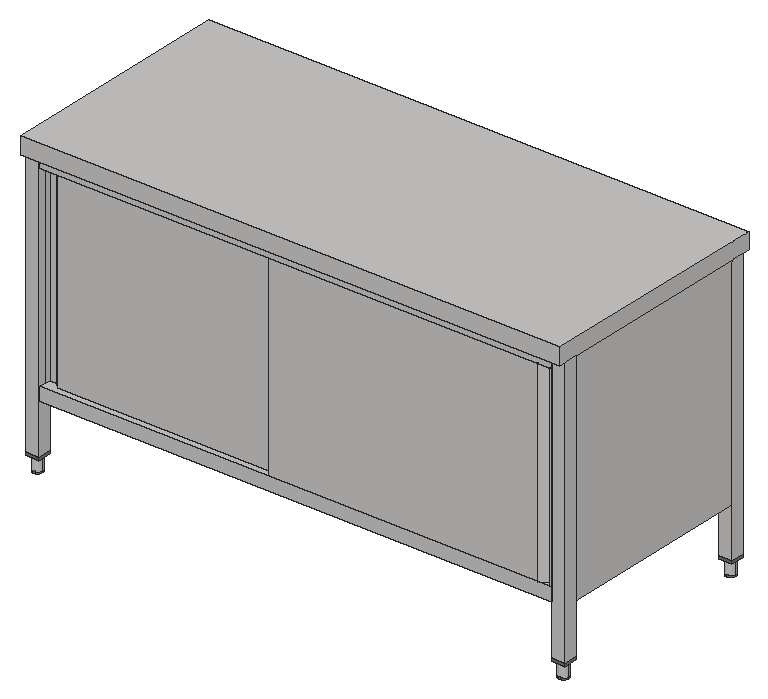
Revit family "QF_ELECTROLUXPROFESSIONAL_134042_GTND1600E", category Attrezzature speciali, Revit 2020
Family settings
  Quota connettore circolare = Usa diametro
  Tipo di parte = Normale
  Basato su piano di lavoro = No
  Sempre verticale = Sì
  Taglio con vuoti quando caricato = No
  Condiviso = No
  Punto di calcolo locali = No
Parameters (values of type "Standard")
  Weight = 90.00 kg
  Watts = 0 W
  Volts = 0 V
  URL Manufacturer = "https://www.electroluxprofessional.com/"
  URL = "https://www.electroluxprofessional.com/"
  Steam Supply Size = 0 mm
  Steam Supply Minimum Pressure = 0.0 Pa
  Steam Supply Maximum Pressure = 0.0 Pa
  Steam Consumption per Hour = 0
  Refrigeration Suction Line Size = 0.0 mm
  Refrigeration Liquid Line Size = 0.0 mm
  Refrigerant Compressor Remote = yes
  Prospetto di default = 0.0 mm
  Phase = 0
  Modello = "GTND1600E"
  Produttore = "Electrolux Professional"
  Length Actual = 1600.0 mm  # constant formula
  Item Number = "134042"
  Hot Water Size = 0 mm
  Height Actual = 900.0 mm  # constant formula
  HP = "0 HP"
  Gas Size = 0 mm
  Gas KW = 0
  Gas Input Pressure = 0 W
  Direct Waste Size = 0 mm
  Descrizione = "PASSTHRU WORKTOP CUPBOARD 1600 MM"
  Depth Actual = 700.0 mm  # constant formula
  Cycle = 0 Hz
  Condensate Return Size = 0 mm
  Compressed Air Volume = 0.0 L/s
  Compressed Air Size = 0 mm
  Compressed Air Pressure = 0.0 Pa
  Cold Water Size = 0 mm
  Accessory = yes
Reference planes
  plane 1 "Center (Front/Back)": y = 0
  plane 2: z = 0
  plane 3 "Center (Left/Right)": x = -300
  plane 4 "LEFT": x = -1100
  plane 5 "RIGHT": x = 500
  plane 6 "BACK": y = 350
  plane 7 "FRONT": y = -350
  plane 8 "Base": z = 850
  plane 9 "TOP": z = 900
  plane 10: x = -1080
  plane 11: x = 480
  plane 12: y = 310
  plane 13: y = -310
  plane 14 "BodyLeft": x = -1100
  plane 15 "BodyFront": y = -330
  plane 16 "BodyRight": x = 500
  plane 17 "BodyBack": y = 330
  plane 18 "FEET": z = 200
  plane 19: x = -220
  plane 20: x = -380
Forms (mm)
  Extrusion 1, solid, material "QF_Finishes_Stainless Steel"
    sketch origin (-300, 0, 0) x (0, 1, 0) y (0, 0, 1)
      loop
        line (-350, 850) -> (350, 850) -> (350, 900) -> (-350, 900) -> (-350, 850)
    from 800 to -800
  Extrusion 2, solid, material "QF_Finishes_Stainless Steel"
    sketch origin (0, 0, 200) x (-1, 0, 0) y (0, -1, 0)
      loop
        line (1100, -290) -> (1100, 290) -> (1060, 290) -> (1060, -290) -> (1100, -290)
      loop
        line (-460, -290) -> (-460, 290) -> (-500, 290) -> (-500, -290) -> (-460, -290)
    from 0 to 650
  Extrusion 3, solid, material "QF_Finishes_Stainless Steel"
    sketch origin (0, 0, 200) x (-1, 0, 0) y (0, -1, 0)
      loop
        line (1060, -330) -> (1060, 330) -> (-460, 330) -> (-460, -330) -> (1060, -330)
    from 0 to 40
  Extrusion 4, solid, material "QF_Finishes_Stainless Steel"
    sketch origin (0, 0, 200) x (-1, 0, 0) y (0, -1, 0)
      loop
        line (-460, 330) -> (-460, 310) -> (380, 310) -> (380, 330) -> (-420, 330) -> (-440, 315) -> (-455, 315) -> (-455, 330) -> (-460, 330)
    from 40 to 620
  Extrusion 5, solid, material "QF_Finishes_Stainless Steel"
    sketch origin (0, 20, 200) x (1, 0, 0) y (0, 1, 0)
      loop
        line (-1060, -330) -> (-1055, -330) -> (-1055, -315) -> (-1040, -315) -> (-1020, -330) -> (-220, -330) -> (-220, -310) -> (-1060, -310) -> (-1060, -330)
    from 40 to 620
  Extrusion 6, solid, material "QF_Finishes_Stainless Steel"
    sketch origin (0, 0, 200) x (-1, 0, 0) y (0, -1, 0)
      loop
        line (1060, 290) -> (-460, 290) -> (-460, -290) -> (1060, -290) -> (1060, 290)
    from 350 to 390
  Extrusion 7, solid, material "QF_Finishes_Stainless Steel"
    sketch origin (0, 0, 200) x (-1, 0, 0) y (0, -1, 0)
      loop
        line (-460, -330) -> (-455, -330) -> (-455, -315) -> (-440, -315) -> (-420, -330) -> (380, -330) -> (380, -310) -> (-460, -310) -> (-460, -330)
    from 40 to 620
  Extrusion 8, solid, material "QF_Finishes_Stainless Steel"
    sketch origin (0, -20, 200) x (1, 0, 0) y (0, 1, 0)
      loop
        line (-1060, 330) -> (-1060, 310) -> (-220, 310) -> (-220, 330) -> (-1020, 330) -> (-1040, 315) -> (-1055, 315) -> (-1055, 330) -> (-1060, 330)
    from 40 to 620
  Extrusion 9, solid, material "QF_Finishes_Stainless Steel"
    sketch origin (0, 0, 200) x (-1, 0, 0) y (0, -1, 0)
      loop
        line (1060, -330) -> (1060, 330) -> (-460, 330) -> (-460, -330) -> (1060, -330)
    from 620 to 650
Lines and regions (mm)
  symbolic lines
    curve 1: line (500, 350, 900) -> (-1100, 350, 900)
    curve 2: line (-1100, 350, 900) -> (-1100, -350, 900)
    curve 3: line (-1100, -350, 900) -> (500, -350, 900)
    curve 4: line (500, -350, 900) -> (500, 350, 900)
  symbolic lines, style "SpecialityEquipmentHiddenLines"
    curve 5: line (-1100, 330, 200) -> (500, 330, 200)
    curve 6: line (-1100, -330, 200) -> (-1100, 330, 200)
    curve 7: line (500, -330, 200) -> (-1100, -330, 200)
    curve 8: line (500, 330, 200) -> (500, -330, 200)
    curve 9: line (-1060, -290, 200) -> (-220, -290, 200)
    curve 10: line (-220, -290, 200) -> (-220, -310, 200)
    curve 11: line (-1060, -310, 200) -> (460, -310, 200)
    curve 12: line (460, -310, 200) -> (460, -330, 200)
    curve 13: line (-380, -310, 200) -> (-380, -330, 200)
    curve 14: line (-1060, -290, 200) -> (-1060, -310, 200)
    curve 15: line (-220, 290, 200) -> (-220, 310, 200)
    curve 16: line (-380, 330, 200) -> (-380, 310, 200)
    curve 17: line (460, 310, 200) -> (-1060, 310, 200)
    curve 18: line (-220, 290, 200) -> (-1060, 290, 200)
    curve 19: line (-1060, 290, 200) -> (-1060, 310, 200)
    curve 20: line (460, 310, 200) -> (460, 330, 200)
Dimensions and locks
  plane 4 "LEFT" to plane 5 "RIGHT" = 1600.0 mm
  equal spacing: plane 4 "LEFT", plane 3 "Center (Left/Right)", plane 5 "RIGHT"
  locked: plane 8 "Base" to level at 850
  plane 9 "TOP" to level = 900.0 mm
  plane 6 "BACK" to plane 7 "FRONT" = 700.0 mm
  equal spacing: plane 6 "BACK", plane 1 "Center (Front/Back)", plane 7 "FRONT"
  locked: plane 4 "LEFT" to plane 14 "BodyLeft"
  locked: plane 16 "BodyRight" to plane 5 "RIGHT"
  locked: plane 15 "BodyFront" to plane 7 "FRONT" at 20
  locked: plane 6 "BACK" to plane 17 "BodyBack" at 20
  locked: plane 14 "BodyLeft" to plane 10 at 20
  locked: plane 11 to plane 16 "BodyRight" at 20
  locked: plane 13 to plane 15 "BodyFront" at 20
  locked: plane 17 "BodyBack" to plane 12 at 20
  plane 10 to plane 11 = 1560.0 mm
  plane 12 to plane 13 = 620.0 mm
  locked: plane 14 "BodyLeft" to Extrusion 2 sketch curve at 40
  Extrusion 2 sketch curve to Extrusion 2 sketch curve = 40.0 mm
  locked: plane 3 "Center (Left/Right)" to plane 19 at 80
  locked: plane 20 to plane 3 "Center (Left/Right)" at 80
  locked: plane 18 "FEET" to plane 2 at 200
  Extrusion 9 to Extrusion 3 to plane 18 "FEET" = 580.0 mm, 40.0 mm
  aligned and locked: level to plane 2
  aligned and locked: plane 10 to nested 1
  aligned and locked: nested 1 to plane 13
  aligned and locked: plane 11 to nested 2
  aligned and locked: nested 2 to plane 13
  aligned and locked: plane 11 to nested 4
  aligned and locked: nested 4 to plane 12
  aligned and locked: plane 10 to nested 3
  aligned and locked: nested 3 to plane 12
  aligned and locked: Extrusion 1 to plane 4 "LEFT"
  aligned and locked: plane 5 "RIGHT" to Extrusion 1
  aligned and locked: curve 2 to plane 4 "LEFT"
  aligned and locked: Extrusion 2 sketch curve to plane 14 "BodyLeft"
  aligned and locked: plane 16 "BodyRight" to Extrusion 2 sketch curve
  aligned and locked: plane 8 "Base" to Extrusion 2
  aligned and locked: Extrusion 4 to Extrusion 3
  aligned and locked: Extrusion 5 sketch curve to plane 19
  aligned and locked: Extrusion 4 sketch curve to plane 20
  aligned and locked: Extrusion 1 to plane 8 "Base"
  aligned and locked: plane 9 "TOP" to Extrusion 1
  aligned and locked: curve 5 to plane 17 "BodyBack"
  aligned and locked: plane 14 "BodyLeft" to curve 6
  aligned and locked: plane 15 "BodyFront" to curve 7
  aligned and locked: plane 16 "BodyRight" to curve 8
  aligned and locked: Extrusion 3 sketch curve to Extrusion 2  (x2)
  aligned and locked: curve 7 to Extrusion 3 sketch curve
Automatic sketch dimensions
  curve 3 to plane 5 "RIGHT" = 0.0 mm
  curve 3 to plane 7 "FRONT" = 0.0 mm
  curve 2 to plane 6 "BACK" = 0.0 mm
  Extrusion 1 sketch curve to plane 7 "FRONT" = 0.0 mm
  Extrusion 1 sketch curve to plane 6 "BACK" = 0.0 mm
  Extrusion 1 sketch curve to plane 8 "Base" = 0.0 mm
  Extrusion 1 sketch curve to plane 9 "TOP" = 0.0 mm
  Extrusion 2 sketch curve to plane 12 = 20.0 mm  (x2)
  plane 13 to Extrusion 2 sketch curve = 20.0 mm  (x2)
  Extrusion 3 sketch curve to plane 17 "BodyBack" = 0.0 mm
  Extrusion 4 sketch curve to plane 15 "BodyFront" = 0.0 mm  (x2)
  Extrusion 4 sketch curve to plane 13 = 0.0 mm
  Extrusion 4 sketch curve to plane 11 = 60.0 mm
  Extrusion 4 sketch curve to plane 13 = 5.0 mm
  Extrusion 4 sketch curve to Extrusion 4 sketch curve = 20.0 mm
  Extrusion 4 sketch curve to Extrusion 4 sketch curve = 15.0 mm
  Extrusion 4 sketch curve to Extrusion 4 sketch curve = 5.0 mm
  Extrusion 5 sketch curve to plane 13 = 0.0 mm  (x2)
  Extrusion 5 sketch curve to plane 10 = 60.0 mm
  Extrusion 5 sketch curve to plane 13 = 15.0 mm
  Extrusion 5 sketch curve to Extrusion 5 sketch curve = 20.0 mm  (x2)
  Extrusion 5 sketch curve to Extrusion 5 sketch curve = 15.0 mm
  Extrusion 5 sketch curve to Extrusion 5 sketch curve = 5.0 mm
  curve 17 to plane 12 = 0.0 mm
  curve 11 to plane 13 = 0.0 mm
  curve 10 to plane 19 = 0.0 mm
  curve 15 to plane 19 = 0.0 mm
  curve 13 to plane 20 = 0.0 mm
  curve 16 to plane 20 = 0.0 mm
  curve 17 to plane 11 = 20.0 mm
  curve 11 to plane 11 = 20.0 mm
  plane 10 to curve 14 = 20.0 mm
  plane 10 to curve 19 = 20.0 mm
  curve 17 to curve 18 = 20.0 mm
  plane 13 to curve 9 = 20.0 mm
  Extrusion 6 sketch curve to plane 11 = 20.0 mm
  plane 10 to Extrusion 6 sketch curve = 20.0 mm
  Extrusion 6 sketch curve to plane 12 = 20.0 mm
  plane 13 to Extrusion 6 sketch curve = 20.0 mm
  Extrusion 7 sketch curve to plane 17 "BodyBack" = 0.0 mm  (x2)
  Extrusion 7 sketch curve to plane 12 = 0.0 mm
  Extrusion 7 sketch curve to plane 20 = 0.0 mm
  plane 11 to Extrusion 7 sketch curve = 60.0 mm
  Extrusion 7 sketch curve to plane 12 = 5.0 mm
  Extrusion 7 sketch curve to Extrusion 7 sketch curve = 20.0 mm
  Extrusion 7 sketch curve to Extrusion 7 sketch curve = 15.0 mm
  Extrusion 7 sketch curve to Extrusion 7 sketch curve = 5.0 mm
  Extrusion 8 sketch curve to plane 12 = 0.0 mm  (x2)
  Extrusion 8 sketch curve to plane 19 = 0.0 mm
  plane 10 to Extrusion 8 sketch curve = 60.0 mm
  Extrusion 8 sketch curve to plane 12 = 15.0 mm
  Extrusion 8 sketch curve to Extrusion 8 sketch curve = 20.0 mm  (x2)
  Extrusion 8 sketch curve to Extrusion 8 sketch curve = 15.0 mm
  Extrusion 8 sketch curve to Extrusion 8 sketch curve = 5.0 mm
  Extrusion 9 sketch curve to plane 17 "BodyBack" = 0.0 mm
  Extrusion 9 sketch curve to plane 15 "BodyFront" = 0.0 mm
  Extrusion 9 sketch curve to plane 11 = 20.0 mm
  plane 10 to Extrusion 9 sketch curve = 20.0 mm
Nested families
  nested 1: "FEET_40x40_APP50" at (-1080, -310, 0), type "FEET_40x40_APP50"
  nested 2: "FEET_40x40_APP50" at (480, -310, 0), type "FEET_40x40_APP50"
  nested 3: "FEET_40x40_APP50" at (-1080, 310, 0), type "FEET_40x40_APP50"
  nested 4: "FEET_40x40_APP50" at (480, 310, 0), type "FEET_40x40_APP50"
Definition of nested family "FEET_40x40_APP50"
  Parameters
    Default Elevation = 0.0 mm
    FEET = 850.0 mm
  Reference planes
    plane 1 "Center (Front/Back)": y = 0
    plane 2: z = 0
    plane 3 "Center (Left/Right)": x = 0
    plane 4: z = 850
  Forms (mm)
    Extrusion 1, solid
      sketch origin (0, 0, 0) x (1, 0, 0) y (0, 1, 0)
        loop
          line (-20, -20) -> (20, -20) -> (20, 20) -> (-20, 20) -> (-20, -20)
      from 50 to 850
    Extrusion 2, solid
      sketch origin (0, 0, 0) x (1, 0, 0) y (0, 1, 0)
        loop
          circle (0, 0) r 15
      from 0 to 5
    Extrusion 3, solid
      sketch origin (0, 0, 0) x (1, 0, 0) y (0, 1, 0)
        loop
          line (-20, -20) -> (20, -20) -> (20, 20) -> (-20, 20) -> (-20, -20)
      from 50 to 42
    Extrusion 4, solid
      sketch origin (0, 0, 0) x (1, 0, 0) y (0, 1, 0)
        loop
          circle (0, 0) r 15
      from 5 to 42
  Lines and regions (mm)
    symbolic lines
      curve 1: line (0, -1.503, 0) -> (0, 1.508, 0)
      curve 2: line (1.561, 0, 0) -> (-1.439, 0, 0)
  Dimensions and locks
    "FEET": plane 4 to plane 2
    aligned and locked: level to plane 2
  Automatic sketch dimensions
    plane 1 "Center (Front/Back)" to curve 2 = 0.0 mm
    curve 1 to plane 3 "Center (Left/Right)" = 0.0 mm
    curve 2 to plane 3 "Center (Left/Right)" = 1.439 mm
    plane 3 "Center (Left/Right)" to curve 2 = 1.561 mm
    plane 1 "Center (Front/Back)" to curve 1 = 1.503 mm
    curve 1 to plane 1 "Center (Front/Back)" = 1.508 mm
    Extrusion 1 sketch curve to plane 3 "Center (Left/Right)" = 20.0 mm
    plane 3 "Center (Left/Right)" to Extrusion 1 sketch curve = 20.0 mm
    plane 1 "Center (Front/Back)" to Extrusion 1 sketch curve = 20.0 mm
    Extrusion 1 sketch curve to plane 1 "Center (Front/Back)" = 20.0 mm
    plane 1 "Center (Front/Back)" to Extrusion 2 sketch curve = 0.0 mm
    Extrusion 2 sketch curve to plane 3 "Center (Left/Right)" = 0.0 mm
    Extrusion 3 sketch curve to plane 3 "Center (Left/Right)" = 20.0 mm
    plane 3 "Center (Left/Right)" to Extrusion 3 sketch curve = 20.0 mm
    plane 1 "Center (Front/Back)" to Extrusion 3 sketch curve = 20.0 mm
    Extrusion 3 sketch curve to plane 1 "Center (Front/Back)" = 20.0 mm
    plane 1 "Center (Front/Back)" to Extrusion 4 sketch curve = 0.0 mm
    Extrusion 4 sketch curve to plane 3 "Center (Left/Right)" = 0.0 mm
    radius of Extrusion 2 sketch curve = 15.0 mm
    radius of Extrusion 4 sketch curve = 15.0 mm
